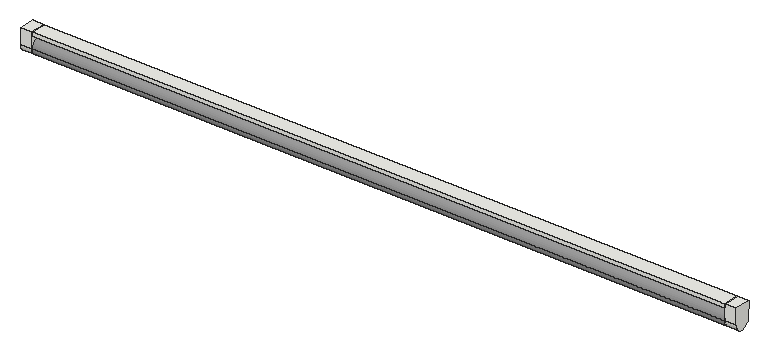
Revit family
Parameters (values of type "1200mm")
  Wattage Comments = "20"
  Wattage = 8.07853 W
  built-in parameter 1150110 = 1 (stored number, unit not read)
  built-in parameter 1114217 = 1 (stored number, unit not read)
  built-in parameter 1150109 = 1 (stored number, unit not read)
  built-in parameter 1150134 = 3
  built-in parameter 1150113 = 1 (stored number, unit not read)
  Material Tube = Glass - White, High Luminance
  Material Fitting = Metal - Paint Finish - Ivory,Glossy
  built-in parameter 1150105 = 95.493 (stored number, unit not read)
  Lumens = 1200 lm
  built-in parameter 1150115 = 1 (stored number, unit not read)
  Light Source Symbol Size = 609.6 mm
  built-in parameter 1150137 = (empty or 0)
  built-in parameter 1150139 = (empty or 0)
  Light Elevation [instance] = 1350 mm
  Length = 1200 mm
  built-in parameter 1150112 = 1 (stored number, unit not read)
  built-in parameter 1150114 = 1 (stored number, unit not read)
  Lamp = "T-12"
  Keynote = "V"
  built-in parameter 1150132 = 2
  built-in parameter 1150102 = (empty or 0)
  built-in parameter 1150107 = 3200 (stored number, unit not read)
  built-in parameter 1150138 = (empty or 0)
  built-in parameter 1150106 = 0.95493 (stored number, unit not read)
  Emit from Line Length = 1161.9 mm
  built-in parameter 1150104 = 13.8 (stored number, unit not read)
  Dimming Lamp Color Temperature Shift = (empty or 0)
  Color Filter = 16777215
  built-in parameter 1114218 = 1 (stored number, unit not read)
  built-in parameter 1150133 = 10 (stored number, unit not read)
  Assembly Code = ""
Types (3, lengths in mm): name | Wattage Comments | Wattage | built-in parameter 1150105 | Lumens | Length | built-in parameter 1150106
  (no name) | "20" | 8.07853 W | 95.493 (stored number, unit not read) | 1200 lm | 1200 | 0.95493 (stored number, unit not read)
  1200mm | "20" | 8.07853 W | 95.493 (stored number, unit not read) | 1200 lm | 1200 | 0.95493 (stored number, unit not read)
  0600mm | "10" | 4.03926 W | 47.746 (stored number, unit not read) | 600 lm | 600 | 0.47746 (stored number, unit not read)
Reference planes
  plane 1 "Light Source Axis (F/B)": y = -218.644
  plane 2: z = 0
  plane 3 "Light Source Axis (L/R)": x = 0
  plane 4 "Light Source Elevation": z = 1324.6
  plane 5 "Left": x = -600
  plane 6 "Right": x = 600
  plane 7: x = -580.95
  plane 8: x = 580.95
  plane 9: z = 1350
  plane 10: z = 1343.65
Forms (mm)
  Extrusion 1, solid, material "Metal - Paint Finish - Ivory,Glossy" <- "Material Fitting"
    sketch origin (0, 0, 0) x (0, 1, 0) y (0, 0, 1)
      loop
        line (-205.944, 1350) -> (-231.344, 1350) -> (-231.344, 1324.6)
        arc (-231.344, 1324.6) -> (-218.644, 1311.9) -> (-205.944, 1324.6) r 12.7
        line (-205.944, 1324.6) -> (-205.944, 1350)
    from 580.95 to 600
  Extrusion 2, solid, material "Metal - Paint Finish - Ivory,Glossy" <- "Material Fitting"
    sketch origin (0, 0, 0) x (0, 1, 0) y (0, 0, 1)
      loop
        line (-205.944, 1350) -> (-231.344, 1350) -> (-231.344, 1324.6)
        arc (-231.344, 1324.6) -> (-218.644, 1311.9) -> (-205.944, 1324.6) r 12.7
        line (-205.944, 1324.6) -> (-205.944, 1350)
    from -600 to -580.95
  Extrusion 3, solid, material "Metal - Paint Finish - Ivory,Glossy" <- "Material Fitting"
    sketch origin (0, 0, 0) x (0, 1, 0) y (0, 0, 1)
      loop
        line (-205.944, 1350) -> (-231.344, 1350) -> (-231.344, 1343.65) -> (-205.944, 1343.65) -> (-205.944, 1350)
    from -580.95 to 580.95
  Extrusion 4, solid, material "Glass - White, High Luminance" <- "Material Tube"
    sketch origin (0, 0, 0) x (0, 1, 0) y (0, 0, 1)
      loop
        circle (-218.644, 1324.6) r 12.7
    from -580.95 to 580.95
Dimensions and locks
  equal spacing: plane 5 "Left", plane 3 "Light Source Axis (L/R)", plane 6 "Right"
  "Length": plane 5 "Left" to plane 6 "Right"
  locked: plane 5 "Left" to plane 7 at 19.05
  locked: plane 8 to plane 6 "Right" at 19.05
  locked: plane 9 to plane 4 "Light Source Elevation" at 25.4
  "Light Elevation": plane 9 to level
  locked: plane 9 to plane 10 at 6.35
  aligned and locked: plane 6 "Right" to Extrusion 1
  aligned and locked: Extrusion 2 to plane 5 "Left"
  aligned and locked: Extrusion 3 sketch curve to Extrusion 1  (x3)
  aligned and locked: plane 10 to Extrusion 3 sketch curve
  aligned and locked: Extrusion 2 to plane 7
  aligned and locked: plane 8 to Extrusion 1
  aligned and locked: Extrusion 3 to plane 8
  aligned and locked: plane 7 to Extrusion 3
  aligned and locked: Extrusion 4 to plane 8
  aligned and locked: plane 7 to Extrusion 4
  aligned and locked: plane 3 "Light Source Axis (L/R)" to imposter light
  aligned and locked: plane 1 "Light Source Axis (F/B)" to imposter light
  aligned and locked: plane 4 "Light Source Elevation" to imposter light
Automatic sketch dimensions
  Extrusion 1 sketch curve to plane 9 = 0 mm
  Extrusion 1 sketch curve to plane 4 "Light Source Elevation" = 0 mm
  Extrusion 1 sketch curve to plane 1 "Light Source Axis (F/B)" = 0 mm
  Extrusion 1 sketch curve to plane 1 "Light Source Axis (F/B)" = 12.7 mm
  Extrusion 2 sketch curve to plane 1 "Light Source Axis (F/B)" = 0 mm
  plane 1 "Light Source Axis (F/B)" to Extrusion 2 sketch curve = 12.7 mm
  Extrusion 2 sketch curve to plane 9 = 25.4 mm
  Extrusion 2 sketch curve to Extrusion 2 sketch curve = 25.4 mm
  Extrusion 4 sketch curve to plane 1 "Light Source Axis (F/B)" = 0 mm
  Extrusion 4 sketch curve to plane 4 "Light Source Elevation" = 0 mm
  radius of Extrusion 4 sketch curve = 12.7 mm
